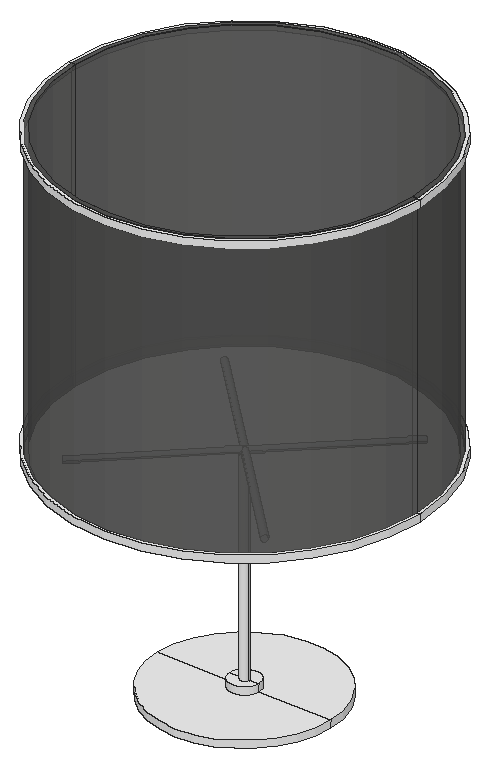
Revit family "Abajur de mesa 2", category Lighting Fixtures, Revit 2016
Family settings
  Part Type = Normal
  Round Connector Dimension = Use Diameter
  OmniClass Number = 23.80.70.00
  OmniClass Title = Lighting
  Work Plane-Based = No
  Always vertical = Yes
  Cut with Voids When Loaded = No
  Light Source = Yes
  Shared = No
  Room Calculation Point = No
Parameters
  Wattage = 100 W
  built-in parameter 1150110 = 1 (stored number, unit not read)
  built-in parameter 1114217 = 1 (stored number, unit not read)
  built-in parameter 1150109 = 1 (stored number, unit not read)
  built-in parameter 1150134 = (empty or 0)
  built-in parameter 1150113 = 1 (stored number, unit not read)
  Suporte = Inox
  Raio do suporte = 0.3 cm
  Raio do Abajur = 12 cm
  Raio da base = 6 cm
  Offset abajur = 10 cm
  Lumens = 10000 lm
  built-in parameter 1150115 = 1 (stored number, unit not read)
  built-in parameter 1150105 = 795.77 (stored number, unit not read)
  Light Source Symbol Size = 15 cm
  built-in parameter 1150137 = (empty or 0)
  built-in parameter 1150139 = (empty or 0)
  built-in parameter 1150112 = 1 (stored number, unit not read)
  built-in parameter 1150114 = 1 (stored number, unit not read)
  built-in parameter 1150132 = (empty or 0)
  built-in parameter 1150102 = (empty or 0)
  built-in parameter 1150138 = (empty or 0)
  built-in parameter 1150107 = 3000 (stored number, unit not read)
  built-in parameter 1150106 = 7.9577 (stored number, unit not read)
  Fio visivel = yes
  Fio = fio
  Extensão do fio = 20 cm
  built-in parameter 1150104 = 9.2903 (stored number, unit not read)
  Dimming Lamp Color Temperature Shift = <None>
  Color Filter = 16777215
  Base = Inox
  built-in parameter 1114218 = 1 (stored number, unit not read)
  built-in parameter 1150133 = 10 (stored number, unit not read)
  Altura do abajur = 25 cm
  Abajur = Abajur
Reference planes (cm)
  plane 1 "Eixo de origem da luz (F/T)": y = 0
  plane 2: z = 0
  plane 3 "Eixo de origem da luz (E/D)": x = 0
  plane 4 "Elevação da origem da luz": z = 25
Forms (cm)
  Revolve 1, solid, material "Inox" <- "Suporte"
    sketch origin (0, 0, 0) x (1, 0, 0) y (0, 0, 1)
      loop
        line (0, 15) -> (0, 0) -> (0.3, 0) -> (0.3, 15) -> (0, 15)
      axis (0, 15) -> (0, 0)
    angle from 0 to 360
  Revolve 2, solid, material "Inox" <- "Base"
    sketch origin (0, 0, 0) x (1, 0, 0) y (0, 0, 1)
      loop
        line (0, 0) -> (6, 0) -> (6, 0.5) -> (1, 0.5) -> (1, 1) -> (0, 1) -> (0, 0.5) -> (0, 0)
      axis (0, 0) -> (0, 1)
    angle from 0 to 360
  Revolve 3, solid, material "Abajur" <- "Abajur"
    sketch origin (0, 0, 0) x (1, 0, 0) y (0, 0, 1)
      loop
        line (11.7, 35) -> (11.7, 15) -> (12, 15) -> (12, 35) -> (11.7, 35)
      axis (0, 35) -> (0, 15)
    angle from 0 to 360
  Revolve 4, solid, material "Inox" <- "Base"
    sketch origin (0, 0, 0) x (1, 0, 0) y (0, 0, 1)
      loop
        line (12, 34.5) -> (12.2, 34.5) -> (12.2, 35) -> (12, 35) -> (12, 34.5)
      loop
        line (12, 15.5) -> (12, 15) -> (12.2, 15) -> (12.2, 15.5) -> (12, 15.5)
      axis (0, 35) -> (0, 15)
    angle from 0 to 360
  Sweep 5, solid
    path origin (0, 0, 25) x (-0.707107, -0.707107, 0) y (0.707107, -0.707107, 0)
      loop
        line (0, -9.9) -> (0, 9.9)
    profile origin (0, 0, 25) x (0.707107, 0.707107, 0) y (0, 0, 1)
      loop
        circle (0, -9.8) r 0.2
  Sweep 6, solid
    path origin (0, 0, 25) x (-0.707107, 0.707107, 0) y (-0.707107, -0.707107, 0)
      loop
        line (0, -9.9) -> (0, 9.9)
    profile origin (0, 0, 25) x (0.707107, -0.707107, 0) y (0, 0, 1)
      loop
        circle (0, -9.8) r 0.2
Cuts and joins
  joined: Sweep 5, Sweep 6
Dimensions and locks (cm)
  "Altura do abajur": plane 4 "Elevação da origem da luz" to level
  locked: imposter light to Revolve 1 sketch curve at 10
  "Raio da base": plane 3 "Eixo de origem da luz (E/D)" to Revolve 2 sketch curve
  "Raio do Abajur": imposter light to Revolve 3 sketch curve
  "Offset abajur": Revolve 3 sketch curve to plane 4 "Elevação da origem da luz"
  Revolve 3 sketch curve to Revolve 3 sketch curve = 0.3 cm
  locked: Revolve 4 sketch curve to Revolve 4 sketch curve at 0.5  (x2)
  locked: Revolve 4 sketch curve to Revolve 4 sketch curve at 0.2  (x2)
  "Raio do suporte": Revolve 1 sketch curve to Revolve 1 sketch curve
  aligned and locked: plane 3 "Eixo de origem da luz (E/D)" to imposter light
  aligned and locked: plane 1 "Eixo de origem da luz (F/T)" to imposter light
  aligned and locked: plane 4 "Elevação da origem da luz" to imposter light
  aligned and locked: plane 2 to level
  aligned and locked: Revolve 1 sketch curve to plane 3 "Eixo de origem da luz (E/D)"
  aligned and locked: Revolve 1 sketch curve to level
  aligned and locked: Revolve 2 sketch curve to level
  aligned and locked: Revolve 2 sketch curve to plane 3 "Eixo de origem da luz (E/D)"
  aligned and locked: Revolve 3 sketch curve to Revolve 1
  aligned and locked: Revolve 4 sketch curve to Revolve 3  (x4)
Automatic sketch dimensions
  plane 1 "Eixo de origem da luz (F/T)" to Sweep 5 sketch curve = 7.0004 cm
  plane 3 "Eixo de origem da luz (E/D)" to Sweep 5 sketch curve = 7.0004 cm
  Sweep 5 sketch curve to Sweep 5 sketch curve = 19.8 cm
  Sweep 5 sketch curve to profile plane = 0 cm
  plane 4 "Elevação da origem da luz" to Sweep 5 sketch curve = 9.8 cm
  plane 1 "Eixo de origem da luz (F/T)" to Sweep 6 sketch curve = 7.0004 cm
  Sweep 6 sketch curve to plane 3 "Eixo de origem da luz (E/D)" = 7.0004 cm
  Sweep 6 sketch curve to Sweep 6 sketch curve = 19.8 cm
  Sweep 6 sketch curve to profile plane = 0 cm
  plane 4 "Elevação da origem da luz" to Sweep 6 sketch curve = 9.8 cm
  Revolve 4 sketch curve to plane 3 "Eixo de origem da luz (E/D)" = 0 cm
  Revolve 4 sketch curve to level = 30.48 cm
  Revolve 4 sketch curve to Revolve 4 sketch curve = 201.6751 cm
  Revolve 1 sketch curve to plane 3 "Eixo de origem da luz (E/D)" = 0 cm
  Revolve 1 sketch curve to level = 30.48 cm
  Revolve 1 sketch curve to plane 4 "Elevação da origem da luz" = 211.6751 cm
  Revolve 2 sketch curve to plane 3 "Eixo de origem da luz (E/D)" = 0 cm
  Revolve 2 sketch curve to plane 4 "Elevação da origem da luz" = 0 cm
  level to Revolve 2 sketch curve = 0.5 cm  (x2)
  plane 3 "Eixo de origem da luz (E/D)" to Revolve 2 sketch curve = 1 cm
  Revolve 2 sketch curve to Revolve 2 sketch curve = 0.5 cm
  Revolve 2 sketch curve to Revolve 2 sketch curve = 20 cm
  Revolve 3 sketch curve to plane 3 "Eixo de origem da luz (E/D)" = 0 cm
  Revolve 3 sketch curve to level = 30.48 cm
  Revolve 3 sketch curve to Revolve 3 sketch curve = 206.6751 cm
  radius of Sweep 5 sketch curve = 0.2 cm
  radius of Sweep 6 sketch curve = 0.2 cm
